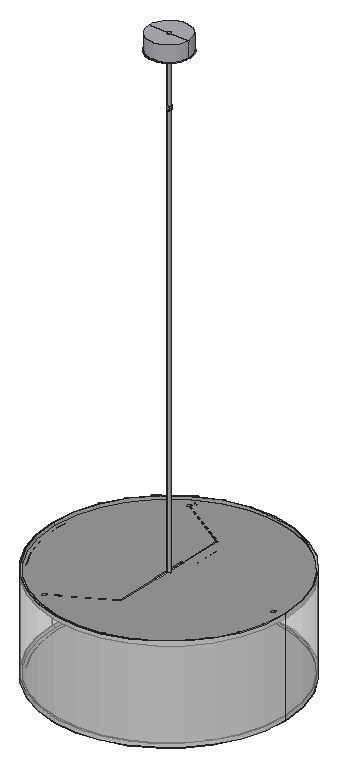
Revit family "Lighting - Lumetta - Pendant - P54214", category Lighting Fixtures, host Ceiling, Revit 2015
Parameters
  Wattage = 11.7117 W
  built-in parameter 1150110 = 1 (stored number, unit not read)
  URL = "https://lumetta.com/luminaires/drum-42-pendant/"
  Type Comments = "Drum 42'' Pendant"  # constant formula
  built-in parameter 1114217 = 1 (stored number, unit not read)
  Top Lens-Material [instance] = Acrylic - 2447 - White
  Top Lens [instance] = yes
  built-in parameter 1150109 = 1 (stored number, unit not read)
  built-in parameter 1150134 = (empty or 0)
  Suspension [instance] = 2
  built-in parameter 1150113 = 1 (stored number, unit not read)
  Stem Hung-ALL Lamping [instance] = Suspension = 2  # yes
  STD-NON_DIM [instance] = not([3-4-LED])  # yes
  Light Source Symbol Size = 0' - 1"
  Coupling-Stems Over 60 inches [instance] = and([Stem Hung-ALL Lamping], Fixture Drop > 5' 0")  # yes
  Model = "P54214"  # constant formula
  Manufacturer = "Lumetta, Inc."  # constant formula
  Lumens = 1300 lm
  built-in parameter 1150115 = 1 (stored number, unit not read)
  built-in parameter 1150105 = 103.45 (stored number, unit not read)
  built-in parameter 1150137 = (empty or 0)
  built-in parameter 1150139 = (empty or 0)
  built-in parameter 1150112 = 1 (stored number, unit not read)
  built-in parameter 1150114 = 1 (stored number, unit not read)
  built-in parameter 1150132 = 1
  built-in parameter 1150102 = (empty or 0)
  built-in parameter 1150138 = (empty or 0)
  built-in parameter 1150107 = 3000 (stored number, unit not read)
  built-in parameter 1150106 = 1.0345 (stored number, unit not read)
  Frame Finish [instance] = Paint - Lumetta - F02 - PC_Chrome
  Fixture Height [instance] = 1' - 2"
  Fixture Drop [instance] = 5' - 10"
  built-in parameter 1150104 = 10.312 (stored number, unit not read)
  Dimming Lamp Color Temperature Shift = (empty or 0)
  Diffuser Material [instance] = Shade - Lumetta - D61 - MT_White
  Description = ""
  Cord [instance] = Suspension = 1  # no
  Bottom Lens-Material [instance] = Acrylic - P95 - Etched White
  Bottom Lens [instance] = yes
  3-4-LED [instance] = and([3 or 4 Wire Dimming OR LED], Suspension = 1)  # no
  3 or 4 Wire Dimming OR LED [instance] = yes
  3 Cables [instance] = Suspension = 1  # no
  1CRD-3CBL-ALL Lamping [instance] = Suspension = 1  # no
  Cord Color [instance] = Cord, Black
  Color Filter = 16777215
  built-in parameter 1114218 = 1 (stored number, unit not read)
  built-in parameter 1150133 = 10 (stored number, unit not read)
Reference planes (in)
  plane 1 "Light Source Axis (F/B)": y = 0
  plane 2 "Ceiling": z = 96
  plane 3 "Light Source Axis (L/R)": x = 0
  plane 4 "Light Source Elevation": z = 23.5
  plane 5 "Fixture-Top": z = 26
  plane 6 "Fixture-OD": x = 17
  plane 7 "Fixture-Height": z = 12
  plane 8: through (0, 0, 0) normal (-0.5, -0.866, 0)
  plane 9: y = 0
  plane 10: through (0, 0, 0) normal (0.5, -0.866, 0)
  plane 11 "Plane-120": through (-8.5, 14.72243, 0) normal (0.5, -0.866, 0)
  plane 12 "Plane-240": through (-70.85383, 21.27757, 0) normal (0.5, 0.866, 0)
  plane 13: through (0, 0, 0) normal (-0.866, -0.5, 0)
  plane 14: through (0, 0, 0) normal (0.866, -0.5, 0)
Forms (in)
  Revolve 1, solid, material "Paint - Lumetta - F02 - PC_Chrome" <- "Frame Finish", visible <- "1CRD-3CBL-ALL Lamping"
    sketch origin (0, 0, 0) x (1, 0, 0) y (0, 0, 1)
      loop
        line (0, 96) -> (0, 95.4375) -> (3, 95.4375) -> (3, 95.5) -> (2.87509, 95.5) -> (2.87509, 96) -> (0, 96)
      axis (0, 96) -> (0, 95.4375)
    angle from 0 to 360
  Extrusion 2, void
    sketch origin (0, 0, 95.4375) x (0, -1, 0) y (1, 0, 0)
      loop
        circle (0, 0) r 0.25
      loop
        circle (0, 2.5) r 0.06274
      loop
        circle (-2.16506, -1.25) r 0.06274
      loop
        circle (2.16506, -1.25) r 0.06274
    from 0 to 0.06358
  Revolve 3, solid, material "Paint - Lumetta - F02 - PC_Chrome" <- "Frame Finish"
    sketch origin (0, 0, 0) x (1, 0, 0) y (0, 0, 1)
      loop
        line (17, 26) -> (16.875, 26) -> (16.875, 25.5) -> (16.375, 25.5) -> (16.375, 25.375) -> (17, 25.375) -> (17, 26)
      loop
        line (17, 12.625) -> (16.875, 12.625) -> (16.875, 12.125) -> (16.375, 12.125) -> (16.375, 12) -> (17, 12) -> (17, 12.625)
      axis (0, 26) -> (0, 12)
    angle from 0 to 360
  Revolve 4, solid, material "Shade - Lumetta - D61 - MT_White" <- "Diffuser Material"
    sketch origin (0, 0, 0) x (1, 0, 0) y (0, 0, 1)
      loop
        line (17, 25.99572) -> (17, 12.00701) -> (17.06242, 12.00701) -> (17.06242, 25.99572) -> (17, 25.99572)
      axis (0, 25.99572) -> (0, 12.00701)
    angle from 0 to 360
  Extrusion 5, solid, material "Paint - Lumetta - F02 - PC_Chrome" <- "Frame Finish", visible <- "Stem Hung-ALL Lamping"
    sketch origin (0, 0, 26) x (0, -1, 0) y (-1, 0, 0)
      loop
        circle (0, 0) r 0.25
    from 0.56254 to -70
  Revolve 6, solid, material "Paint - Lumetta - F02 - PC_Chrome" <- "Frame Finish", visible <- "Coupling-Stems Over 60 inches"
    sketch origin (0, 0, 0) x (1, 0, 0) y (0, 0, 1)
      loop
        line (0, 86.52595) -> (0, 85.99572) -> (0.26233, 85.99572)
        arc (0.26233, 85.99572) -> (0.31307, 86.04646) -> (0.26233, 86.09721) r 0.05074
        arc (0.26233, 86.09721) -> (0.29304, 86.26071) -> (0.26243, 86.42423) r 0.45126
        arc (0.26243, 86.42423) -> (0.31329, 86.47509) -> (0.26243, 86.52595) r 0.05086
        line (0.26243, 86.52595) -> (0, 86.52595)
      axis (0, 86.52595) -> (0, 85.99572)
    angle from 0 to 360
  Revolve 7, solid, material "Paint - Lumetta - F02 - PC_Chrome" <- "Frame Finish", visible <- "Stem Hung-ALL Lamping"
    sketch origin (0, 0, 0) x (1, 0, 0) y (0, 0, 1)
      loop
        line (0, 96) -> (0, 93.40625) -> (0.34988, 93.40625)
        arc (0.34988, 93.40625) -> (0.49124, 93.54417) -> (0.58115, 93.72) r 0.61026
        line (0.58115, 93.72) -> (3, 93.72) -> (3, 93.78) -> (2.875, 93.78) -> (2.875, 96) -> (0, 96)
      axis (0, 96) -> (0, 93.40625)
    angle from 0 to 360
  Extrusion 8, solid, material "Cord, Black" <- "Cord Color", visible <- "1CRD-3CBL-ALL Lamping"
    sketch origin (0, 0, 26) x (0, -1, 0) y (1, 0, 0)
      loop
        circle (0, 0) r 0.15674
    from -0.56254 to 70
  Extrusion 9, solid
    sketch origin (0, 0, 26) x (0, -1, 0) y (1, 0, 0)
      loop
        line (-0.5, 16.48559) -> (-0.5, 15.75) -> (0.5, 15.75) -> (0.5, 16.48559)
        arc (0.5, 16.48559) -> (0, 16.49317) -> (-0.5, 16.48559) r 16.49317
      loop
        circle (0, 16) r 0.11051
      loop
        arc (-14.42455, -7.75067) -> (-14.18117, -8.1875) -> (-13.92455, -8.6167) r 16.375
        line (-13.92455, -8.6167) -> (-13.3899, -8.30801) -> (-13.8899, -7.44199) -> (-14.42455, -7.75067)
      loop
        circle (-13.85641, -8) r 0.10826
      loop
        arc (14.02694, -8.67581) -> (14.2835, -8.24658) -> (14.52694, -7.80978) r 16.49317
        line (14.52694, -7.80978) -> (13.8899, -7.44199) -> (13.3899, -8.30801) -> (14.02694, -8.67581)
      loop
        circle (13.85641, -8) r 0.10826
    from -0.5 to -0.71568
  Extrusion 10, solid
    sketch origin (0, 0, 26) x (0, -1, 0) y (1, 0, 0)
      loop
        circle (0, 16) r 0.11051
      loop
        line (-0.76833, 16.23292) -> (-0.76833, 15.46921) -> (-13.81756, -7.13271) -> (-14.42396, -7.48282) -> (-13.67396, -8.78185) -> (-13.01257, -8.4) -> (13.08589, -8.4) -> (13.69229, -8.7501) -> (14.44229, -7.45107) -> (13.7809, -7.06921) -> (0.73167, 15.53271) -> (0.73167, 16.23292) -> (-0.76833, 16.23292)
      loop
        circle (0, 15.25) r 0.15796
      loop
        circle (-13.85641, -8) r 0.11051
      loop
        circle (-13.20689, -7.625) r 0.15796
      loop
        circle (13.85641, -8) r 0.11051
      loop
        circle (13.20689, -7.625) r 0.15796
      loop
        arc (11.2475, -6.7125) -> (11.43695, -6.60313) -> (11.43695, -6.38438) r 0.21875
        line (11.43695, -6.38438) -> (0.18944, 13.09688)
        arc (0.18944, 13.09688) -> (0, 13.20625) -> (-0.18944, 13.09688) r 0.21875
        line (-0.18944, 13.09688) -> (-11.43695, -6.38438)
        arc (-11.43695, -6.38438) -> (-11.43695, -6.60313) -> (-11.2475, -6.7125) r 0.21875
        line (-11.2475, -6.7125) -> (11.2475, -6.7125)
    from -0.625 to -0.71568
  Sweep 11, solid, visible <- "1CRD-3CBL-ALL Lamping"
    path origin (0, 0, 0) x (1, 0, 0) y (0, 0, 1)
      loop
        line (2.5, 95.50108) -> (15.27299, 25.375)
    profile origin (8.8865, 0, 60.43804) x (0.983814, 0, 0.179195) y (0, -1, 0)
      loop
        circle (0, 0) r 0.03083
  Sweep 12, solid, visible <- "1CRD-3CBL-ALL Lamping"
    path origin (0, 0, 0) x (-0.5, 0.866025, 0) y (0, 0, 1)
      loop
        line (2.5, 95.50108) -> (15.27314, 25.3742)
    profile origin (-4.44328, 7.696, 60.43764) x (-0.491907, 0.852008, 0.179195) y (0.866025, 0.5, 0)
      loop
        circle (0, 0) r 0.03083
  Sweep 13, solid, visible <- "1CRD-3CBL-ALL Lamping"
    path origin (0, 0, 0) x (-0.5, -0.866025, 0) y (0, 0, 1)
      loop
        line (2.5, 95.50108) -> (15.27299, 25.375)
    profile origin (-4.44325, -7.69593, 60.43804) x (-0.491907, -0.852008, 0.179195) y (-0.866025, 0.5, 0)
      loop
        circle (0, 0) r 0.03083
  Extrusion 14, solid, material "Acrylic - P95 - Etched White" <- "Bottom Lens-Material", visible <- "Bottom Lens"
    sketch origin (0, 0, 12) x (0, -1, 0) y (1, 0, 0)
      loop
        circle (0, 0) r 16.84375
    from 0.125 to 0.23849
  Extrusion 15, solid
    sketch origin (0, 0, 26) x (0, -1, 0) y (1, 0, 0)
      loop
        line (-8.47262, -1.25) -> (8.47262, -1.25) -> (7.02924, 1.25) -> (-7.02924, 1.25) -> (-8.47262, -1.25)
      loop
        circle (0, 0) r 0.28281
    from -0.56254 to -0.625
  Extrusion 16, solid, material "Acrylic - 2447 - White" <- "Top Lens-Material", visible <- "Top Lens"
    sketch origin (0, 0, 26) x (0, -1, 0) y (1, 0, 0)
      loop
        line (-2.50665, 0.05287) -> (-8.76685, 0.05287) -> (-13.06871, -7.39816)
        arc (-13.06871, -7.39816) -> (-13.39627, -7.81123) -> (-12.97776, -7.49064) r 0.26561
        line (-12.97776, -7.49064) -> (-8.69468, -0.07213) -> (-2.50665, -0.07213)
        arc (-2.50665, -0.07213) -> (-2.4132, -0.21734) -> (-2.25, -0.27378) r 0.26415
        line (-2.25, -0.27378) -> (2.25, -0.27378)
        arc (2.25, -0.27378) -> (2.41692, -0.21436) -> (2.50874, -0.06284) r 0.26415
        line (2.50874, -0.06284) -> (8.68932, -0.06284) -> (12.97864, -7.49217)
        arc (12.97864, -7.49217) -> (13.3955, -7.80984) -> (13.06947, -7.39949) r 0.26408
        line (13.06947, -7.39949) -> (8.76109, 0.06284) -> (2.50402, 0.06284)
        arc (2.50402, 0.06284) -> (2.40911, 0.20123) -> (2.25, 0.25453) r 0.26415
        line (2.25, 0.25453) -> (-2.25, 0.25453)
        arc (-2.25, 0.25453) -> (-2.4132, 0.19808) -> (-2.50665, 0.05287) r 0.26415
      loop
        circle (0, 15.25) r 0.26626
      loop
        circle (0, 0) r 16.84375
    from -0.5 to -0.375
  Revolve 17, solid, material "Paint - Lumetta - F02 - PC_Chrome" <- "Frame Finish", visible <- "STD-NON_DIM"
    sketch origin (0, 0, 0) x (1, 0, 0) y (0, 0, 1)
      loop
        line (0, 95.4375) -> (0, 94.87435) -> (0.28215, 94.87435) -> (0.37481, 95.4375) -> (0, 95.4375)
      axis (0, 95.4375) -> (0, 94.87435)
    angle from 0 to 360
  Revolve 18, solid, material "Paint - Lumetta - F02 - PC_Chrome" <- "Frame Finish", visible <- "3-4-LED"
    sketch origin (0, 0, 0) x (1, 0, 0) y (0, 0, 1)
      loop
        line (0, 95.4375) -> (0, 95.3765) -> (0.37481, 95.3765) -> (0.37481, 95.4375) -> (0, 95.4375)
      axis (0, 95.4375) -> (0, 95.3765)
    angle from 0 to 360
Dimensions and locks (in)
  equal spacing: host sketch curve, plane 3 "Light Source Axis (L/R)", host sketch curve
  equal spacing: host sketch curve, plane 1 "Light Source Axis (F/B)", host sketch curve
  host sketch curve to host sketch curve = 10' - 0"  (x2)
  "Fixture Drop": plane 2 "Ceiling" to plane 5 "Fixture-Top"
  locked: plane 5 "Fixture-Top" to plane 4 "Light Source Elevation" at 2.5
  locked: plane 6 "Fixture-OD" to plane 3 "Light Source Axis (L/R)" at 17
  "Fixture Height": plane 5 "Fixture-Top" to plane 7 "Fixture-Height"
  locked: Extrusion 2 sketch curve to Extrusion 2 sketch curve at 2.5
  locked: plane 6 "Fixture-OD" to Revolve 3 sketch curve at 0.125  (x2)
  locked: Revolve 4 sketch curve to plane 6 "Fixture-OD" at 0.06242
  locked: Extrusion 5 sketch curve to imposter light
  locked: Extrusion 5 sketch curve to imposter light at 0
  Revolve 6 sketch curve to Revolve 6 sketch curve = 0' - 0.15822"
  locked: Revolve 6 sketch curve to Revolve 4 at 60
  locked: Revolve 6 sketch curve to Revolve 6 sketch curve at 0.53023
  locked: Revolve 6 sketch curve to Revolve 6 sketch curve at 0.26243
  locked: Revolve 6 sketch curve to Revolve 6 sketch curve at 0.26233
  locked: Revolve 6 sketch curve to Revolve 6 sketch curve at 0.05074
  locked: Revolve 6 sketch curve to Revolve 6 sketch curve at 0.47937
  locked: Revolve 6 sketch curve to Revolve 6 sketch curve at 0.26512
  locked: Revolve 7 sketch curve to Revolve 7 sketch curve at 2.875
  locked: Revolve 7 sketch curve to Revolve 7 sketch curve at 0.31375
  locked: plane 5 "Fixture-Top" to Revolve 3 sketch curve at 0.625
  locked: Revolve 3 sketch curve to Revolve 3 sketch curve at 0.125  (x2)
  locked: Revolve 3 sketch curve to plane 7 "Fixture-Height" at 0.625
  locked: plane 6 "Fixture-OD" to Revolve 3 sketch curve at 0.625
  locked: Revolve 1 sketch curve to Revolve 1 sketch curve at 0.0625
  locked: host ceiling to Revolve 1 sketch curve at 0.5625
  locked: Revolve 1 sketch curve to Revolve 1 sketch curve at 0.5625
  Revolve 1 sketch curve to Revolve 1 sketch curve = 0' - 2.87509"
  equal spacing: Extrusion 9 sketch curve, plane 1 "Light Source Axis (F/B)", Extrusion 9 sketch curve
  locked: Extrusion 9 sketch curve to plane 1 "Light Source Axis (F/B)" at 0.5
  locked: Extrusion 9 sketch curve to plane 6 "Fixture-OD" at 1
  locked: Extrusion 9 sketch curve to plane 6 "Fixture-OD" at 1.25
  locked: Extrusion 10 sketch curve to plane 6 "Fixture-OD" at 1
  locked: Extrusion 10 sketch curve to plane 6 "Fixture-OD" at 1.75
  locked: plane 10 to plane 11 "Plane-120" at 17
  locked: plane 12 "Plane-240" to plane 8 at 17
  locked: plane 11 "Plane-120" to Extrusion 9 sketch curve at 1.25
  locked: Extrusion 9 sketch curve to plane 11 "Plane-120" at 1
  locked: plane 12 "Plane-240" to Extrusion 9 sketch curve at 1.25
  locked: Extrusion 9 sketch curve to plane 12 "Plane-240" at 1
  locked: Extrusion 10 sketch curve to plane 11 "Plane-120" at 0.76708
  locked: Extrusion 10 sketch curve to plane 12 "Plane-240" at 0.76708
  locked: Extrusion 10 sketch curve to plane 6 "Fixture-OD" at 0.76708
  locked: Extrusion 10 sketch curve to plane 12 "Plane-240" at 1
  locked: Extrusion 10 sketch curve to plane 12 "Plane-240" at 1.75
  locked: Extrusion 10 sketch curve to plane 11 "Plane-120" at 1
  locked: Extrusion 10 sketch curve to plane 11 "Plane-120" at 1.75
  equal spacing: Extrusion 9 sketch curve, plane 13, Extrusion 9 sketch curve, locked at 0.5 each
  equal spacing: Extrusion 9 sketch curve, plane 14, Extrusion 9 sketch curve
  locked: plane 10 to Extrusion 2 sketch curve at 2.5
  locked: Extrusion 2 sketch curve to plane 8 at 2.5
  locked: Extrusion 10 sketch curve to Extrusion 10 sketch curve at 1.6875  (x3)
  locked: Extrusion 10 sketch curve to Extrusion 10 sketch curve at 1.5  (x3)
  plane 3 "Light Source Axis (L/R)" to Extrusion 15 sketch curve = 0' - 1 1/4"
  Extrusion 15 sketch curve to plane 3 "Light Source Axis (L/R)" = 0' - 1 1/4"
  locked: Extrusion 15 sketch curve to Extrusion 10 at 1.6875  (x2)
  locked: Extrusion 16 sketch curve to plane 9 at 2.25
  locked: Extrusion 16 sketch curve to plane 3 "Light Source Axis (L/R)" at 0.07213
  locked: plane 3 "Light Source Axis (L/R)" to Extrusion 16 sketch curve at 0.05287
  locked: plane 3 "Light Source Axis (L/R)" to Extrusion 16 sketch curve at 0.06284
  locked: Extrusion 16 sketch curve to plane 3 "Light Source Axis (L/R)" at 0.06284
  locked: Extrusion 16 sketch curve to plane 3 "Light Source Axis (L/R)" at 0.00963  (x2)
  locked: Extrusion 16 sketch curve to plane 11 "Plane-120" at 1.75
  locked: Extrusion 16 sketch curve to plane 12 "Plane-240" at 1.75
  locked: Extrusion 16 sketch curve to plane 6 "Fixture-OD" at 1.75
  locked: Extrusion 16 sketch curve to Extrusion 10 at 0.78125  (x2)
  locked: Extrusion 16 sketch curve to Extrusion 16 sketch curve at 0.125  (x2)
  Extrusion 16 to plane 3 "Light Source Axis (L/R)" = 0' - 0.07213"
  locked: plane 5 "Fixture-Top" to Extrusion 16 at 0.375
  locked: Revolve 1 sketch curve to Revolve 1 sketch curve at 3
  locked: Revolve 1 sketch curve to Revolve 1 sketch curve at 2.87509
  locked: Revolve 17 sketch curve to Revolve 17 sketch curve at 0.37481
  locked: Revolve 17 sketch curve to Revolve 17 sketch curve at 0.28215
  locked: Revolve 1 to Revolve 17 sketch curve at 0.56315
  locked: Revolve 1 to Revolve 18 sketch curve at 0.061
  locked: plane 3 "Light Source Axis (L/R)" to Revolve 18 sketch curve at 0.37481
  locked: Extrusion 14 to plane 7 "Fixture-Height" at 0.23849
  locked: Extrusion 14 to Revolve 3 at 0.11349
  locked: Revolve 3 to Revolve 4 at 0.61799
  locked: Extrusion 14 sketch curve to Extrusion 14 sketch curve (radius 1' - 4 27/32")
  locked: Extrusion 16 sketch curve to Extrusion 16 sketch curve (radius 1' - 4 27/32")
  aligned and locked: plane 3 "Light Source Axis (L/R)" to imposter light
  aligned and locked: plane 1 "Light Source Axis (F/B)" to imposter light
  aligned and locked: plane 4 "Light Source Elevation" to imposter light
  aligned and locked: Revolve 4 sketch curve to plane 3 "Light Source Axis (L/R)"
  aligned and locked: Revolve 6 sketch curve to Revolve 6 sketch curve  (x2)
  aligned and locked: host ceiling to Extrusion 5
  aligned and locked: Extrusion 9 to Extrusion 10
  aligned and locked: Extrusion 9 sketch curve to Revolve 3
  aligned and locked: host ceiling to Extrusion 8
  aligned and locked: Extrusion 5 to Extrusion 15
  aligned and locked: Extrusion 16 sketch curve to Extrusion 16 sketch curve  (x2)
  aligned and locked: Extrusion 16 to Revolve 3
  aligned and locked: Revolve 3 to Extrusion 10
  aligned and locked: Extrusion 9 to Extrusion 16
Automatic sketch dimensions
  Revolve 4 sketch curve to plane 6 "Fixture-OD" = 0' - 0"
  Revolve 4 sketch curve to plane 7 "Fixture-Height" = 0' - 0.00701"
  plane 5 "Fixture-Top" to Revolve 4 sketch curve = 0' - 0.00428"
  plane 7 "Fixture-Height" to Revolve 4 sketch curve = 0' - 1 1/4"
  Revolve 4 sketch curve to plane 5 "Fixture-Top" = 0' - 2 1/4"
  Revolve 6 sketch curve to plane 3 "Light Source Axis (L/R)" = 0' - 0"
  Revolve 6 sketch curve to Revolve 6 sketch curve = 0' - 11.34317"
  Revolve 7 sketch curve to plane 3 "Light Source Axis (L/R)" = 0' - 0"  (x3)
  Revolve 7 sketch curve to plane 2 "Ceiling" = 0' - 0"
  plane 3 "Light Source Axis (L/R)" to Revolve 7 sketch curve = 0' - 0.34988"
  Revolve 7 sketch curve to Revolve 7 sketch curve = 0' - 0.23126"
  Revolve 7 sketch curve to Revolve 7 sketch curve = 0' - 0 1/8"
  Revolve 7 sketch curve to plane 2 "Ceiling" = 0' - 2 3/32"
  Revolve 7 sketch curve to Revolve 7 sketch curve = 0' - 0.06"
  plane 2 "Ceiling" to Revolve 7 sketch curve = 0' - 1 3/4"
  Revolve 7 sketch curve to Revolve 7 sketch curve = 0' - 2 1/2"
  plane 1 "Light Source Axis (F/B)" to Extrusion 8 sketch curve = 0' - 0"
  Extrusion 8 sketch curve to plane 3 "Light Source Axis (L/R)" = 0' - 0"
  Revolve 3 sketch curve to plane 3 "Light Source Axis (L/R)" = 0' - 0"
  Revolve 3 sketch curve to plane 7 "Fixture-Height" = 0' - 0"
  Revolve 3 sketch curve to plane 5 "Fixture-Top" = 0' - 0"
  Revolve 3 sketch curve to plane 6 "Fixture-OD" = 0' - 0"  (x2)
  Revolve 3 sketch curve to level = 0' - 10"
  Revolve 3 sketch curve to plane 2 "Ceiling" = 0' - 1"
  Revolve 3 sketch curve to Revolve 3 sketch curve = 0' - 0 1/2"
  Extrusion 9 sketch curve to Extrusion 9 sketch curve = 0' - 0"  (x2)
  plane 1 "Light Source Axis (F/B)" to Extrusion 9 sketch curve = 0' - 0"  (x2)
  Extrusion 9 sketch curve to Extrusion 9 sketch curve = 0' - 0.03349"  (x2)
  Extrusion 9 sketch curve to Extrusion 9 sketch curve = 0' - 0.17053"
  Extrusion 9 sketch curve to plane 6 "Fixture-OD" = 0' - 0.51441"
  Extrusion 9 sketch curve to plane 3 "Light Source Axis (L/R)" = 0' - 0"
  plane 14 to Extrusion 9 sketch curve = 0' - 0"
  plane 13 to Extrusion 9 sketch curve = 0' - 0"
  Extrusion 2 sketch curve to Revolve 1 = 0' - 0"
  Extrusion 2 sketch curve to Extrusion 2 sketch curve = 0' - 1 1/4"  (x2)
  Sweep 11 sketch curve to plane 1 "Light Source Axis (F/B)" = 0' - 0"
  Sweep 11 sketch curve to profile plane = 0' - 0"
  Sweep 12 sketch curve to profile plane = 0' - 0"
  profile plane to Sweep 12 sketch curve = 0' - 0"
  profile plane to Sweep 13 sketch curve = 0' - 0"  (x2)
  plane 13 to Extrusion 10 sketch curve = 0' - 0"  (x3)
  plane 1 "Light Source Axis (F/B)" to Extrusion 10 sketch curve = 0' - 0"  (x3)
  plane 14 to Extrusion 10 sketch curve = 0' - 0"  (x2)
  Extrusion 10 sketch curve to plane 14 = 0' - 0"
  Extrusion 10 sketch curve to Extrusion 10 sketch curve = 0' - 0.18245"
  Extrusion 10 sketch curve to plane 1 "Light Source Axis (F/B)" = 0' - 0.18944"
  plane 1 "Light Source Axis (F/B)" to Extrusion 10 sketch curve = 0' - 0.18944"
  plane 1 "Light Source Axis (F/B)" to Extrusion 10 sketch curve = 0' - 0.73167"
  Extrusion 10 sketch curve to Extrusion 10 sketch curve = 0' - 0.121"
  Extrusion 10 sketch curve to Extrusion 10 sketch curve = 0' - 0 7/64"
  Extrusion 10 sketch curve to Extrusion 10 sketch curve = 0' - 1.95938"
  Extrusion 10 sketch curve to Extrusion 10 sketch curve = 0' - 0 7/32"
  Extrusion 10 sketch curve to Extrusion 10 sketch curve = 0' - 0.18944"  (x2)
  Extrusion 10 sketch curve to Extrusion 10 sketch curve = 0' - 0.6064"
  Extrusion 10 sketch curve to Extrusion 10 sketch curve = 0' - 0.66139"
  plane 1 "Light Source Axis (F/B)" to Extrusion 15 sketch curve = 0' - 0"
  Extrusion 15 sketch curve to plane 3 "Light Source Axis (L/R)" = 0' - 0"
  plane 1 "Light Source Axis (F/B)" to Extrusion 14 sketch curve = 0' - 0"
  Extrusion 14 sketch curve to plane 3 "Light Source Axis (L/R)" = 0' - 0"
  plane 13 to Extrusion 16 sketch curve = 0' - 0"
  plane 1 "Light Source Axis (F/B)" to Extrusion 16 sketch curve = 0' - 0"  (x2)
  plane 14 to Extrusion 16 sketch curve = 0' - 0"
  Extrusion 16 sketch curve to plane 3 "Light Source Axis (L/R)" = 0' - 0"
  plane 1 "Light Source Axis (F/B)" to Extrusion 16 sketch curve = 0' - 2 1/4"
  Extrusion 16 sketch curve to Extrusion 16 sketch curve = 0' - 0.25665"
  Extrusion 16 sketch curve to Extrusion 16 sketch curve = 0' - 0.13436"
  Extrusion 16 sketch curve to Extrusion 16 sketch curve = 0' - 0.09083"
  Revolve 1 sketch curve to plane 3 "Light Source Axis (L/R)" = 0' - 0"  (x2)
  Revolve 1 sketch curve to plane 5 "Fixture-Top" = 0' - 1 1/4"
  Revolve 1 sketch curve to Revolve 1 sketch curve = 0' - 9 3/4"
  Revolve 17 sketch curve to plane 3 "Light Source Axis (L/R)" = 0' - 0"  (x2)
  Revolve 17 sketch curve to plane 2 "Ceiling" = 0' - 0 9/16"
  Revolve 17 sketch curve to Revolve 17 sketch curve = 0' - 1.18685"
  plane 2 "Ceiling" to Revolve 17 sketch curve = 0' - 6 11/16"
  Revolve 18 sketch curve to plane 3 "Light Source Axis (L/R)" = 0' - 0"  (x2)
  Revolve 18 sketch curve to Revolve 18 sketch curve = 0' - 0.061"
  Revolve 18 sketch curve to Revolve 18 sketch curve = 0' - 0.82606"
  Revolve 18 sketch curve to plane 2 "Ceiling" = 0' - 0 1/4"
  Sweep 12 sketch curve to plane 2 "Ceiling" = 0' - 0.49892"
  Sweep 12 sketch curve to plane 10 = 0' - 2 1/2"
  plane 5 "Fixture-Top" to Sweep 12 sketch curve = 0' - 0.6258"
  plane 11 "Plane-120" to Sweep 12 sketch curve = 0' - 1.72686"
  Sweep 13 sketch curve to plane 2 "Ceiling" = 0' - 0.49892"
  plane 8 to Sweep 13 sketch curve = 0' - 2 1/2"
  plane 5 "Fixture-Top" to Sweep 13 sketch curve = 0' - 0 5/8"
  plane 12 "Plane-240" to Sweep 13 sketch curve = 0' - 1.72701"
  Sweep 11 sketch curve to plane 2 "Ceiling" = 0' - 0.49892"
  plane 3 "Light Source Axis (L/R)" to Sweep 11 sketch curve = 0' - 2 1/2"
  plane 5 "Fixture-Top" to Sweep 11 sketch curve = 0' - 0 5/8"
  Sweep 11 sketch curve to plane 6 "Fixture-OD" = 0' - 1.72701"
  radius of Extrusion 5 sketch curve = 0' - 0 1/4"
  radius of Extrusion 8 sketch curve = 0' - 0.15674"
  radius of Extrusion 9 sketch curve = 0' - 0.11051"
  radius of Extrusion 9 sketch curve = 0' - 0.10826"  (x2)
  radius of Extrusion 2 sketch curve = 0' - 0.06274"  (x3)
  radius of Sweep 11 sketch curve = 0' - 0.03083"
  radius of Sweep 12 sketch curve = 0' - 0.03083"
  radius of Sweep 13 sketch curve = 0' - 0.03083"
  radius of Extrusion 10 sketch curve = 0' - 0.11051"  (x3)
  radius of Extrusion 10 sketch curve = 0' - 0.15796"  (x3)
  radius of Extrusion 15 sketch curve = 0' - 0.28281"
  radius of Extrusion 16 sketch curve = 0' - 0.26626"
  radius of Extrusion 2 sketch curve to Revolve 1 = 0' - 2 3/4"
